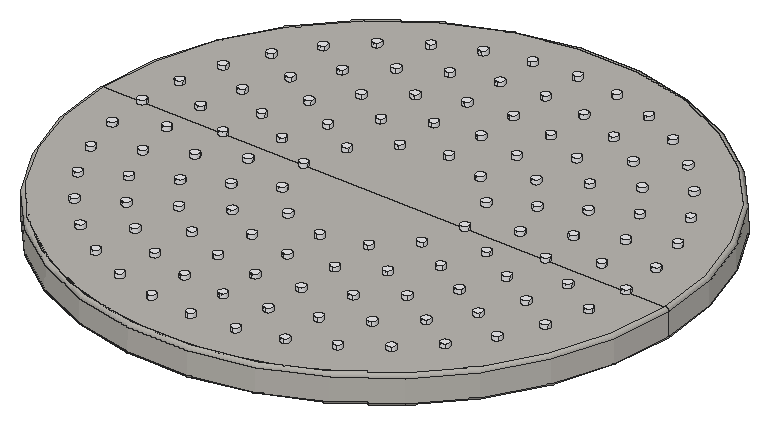
Revit family "Shower-Rainhead-KOHLER-Modern-K-22456T", category Plumbing Fixtures, host Face, Revit 2022
Family settings
  Host = Face
  Round Connector Dimension = Use Diameter
  Part Type = Normal
  OmniClass Number = 23.31.17.00
  OmniClass Title = Showers
  Cut with Voids When Loaded = No
  Maintain Annotation Orientation = No
  Shared = No
  Room Calculation Point = No
Parameters (values of type "L, LBN-Non Pvd Brushed Nickel")
  Width = 10"  # constant formula
  WaterSense Certified = 1 = 0  # no
  Waste Water Outlet = "Waste Water Outlet"  # constant formula
  Waste Connection = 1 = 0  # no
  Vent Connection = 1 = 0  # no
  URL = "http://www.kohler.com.cn/"
  Type = 4
  Tempered Water Inlet = "Tempered Water Inlet"  # constant formula
  Product Page URL = ""
  Product Name = "Modern"  # constant formula
  Product Documentation Link = "https://files.kohler.com.cn/pdfs/1703141439204_1303940-2_A1(K-22456T-L%20).pdf"
  Pressure = 0.00 psi
  Panel Thickness = 0"
  Model = if(Type = 1, "K-22456T-BL", if(Type = 2, "K-22456T-L-BL", if(Type = 3, "K-22456T-L-CP", if(Type = 4, "K-22456T-L-LBN", "NA"))))  # "K-22456T-L-LBN"
  Material = "Plastic"  # constant formula
  Master Format 2014 Name = "Residential Showers"  # constant formula
  Master Format 2014 = "22 42 23"  # constant formula
  Manufacturer Address = "Kohler Beijing Office (100016) 36-2-03-B, No. 88, Liuxiang Road, Beijing"  # constant formula
  Manufacturer = "Kohler Co."  # constant formula
  Length = 10"  # constant formula
  Hot Water Inlet = "Hot Water Inlet"  # constant formula
  Height = 2 129/256"  # constant formula
  HW Connection = 1 = 1  # yes
  Flow Rate = 0 GPM
  Finish = KOHLER-Plastic-LBN-Non_Pvd_Brushed_Nickel
  Environmental Product Declaration = ""
  Drain Included = 1 = 0  # no
  Description = "10 Inch Round Rain Overhead-Plastic"  # constant formula
  Default Elevation = 42"
  Declare Label = ""
  Date Modified = "01/09/2025"  # constant formula
  Date Created = "11/10/2022"  # constant formula
  Copyright = "Copyright Kohler Co."  # constant formula
  Contact Us = "http://www.kohler.com.cn/contact/contact-us/"
  Cold Water Inlet = "Cold Water Inlet"  # constant formula
  CW Connection = 1 = 0  # no
  Assembly Code = "D2010700"
  ADA Compliant = 1 = 0  # no
Reference planes (in)
  plane 1 "Center (Front/Back)": y = 0
  plane 2: z = 0
  plane 3 "Center (Left/Right)": x = 0
  plane 4: x = -5
  plane 5: x = -0.74803
  plane 6: x = 0.74803
  plane 7: x = 5
  plane 8: y = 5
  plane 9: y = 0.74803
  plane 10: y = -0.74803
  plane 11: y = -5
  plane 12: z = 2.50394
  plane 13: z = 2.50391
  plane 14: z = 1.97337
  plane 15: z = 1.16134
  plane 16: z = 2.44581
Dimensions and locks (in)
  "Width": plane 4 to plane 7
  "Length": plane 8 to plane 11
  "Height": plane 13 to level
  plane 16 to plane 14 = 0.47244"
  aligned and locked: plane 2 to host face
  aligned and locked: level to host face
Automatic sketch dimensions
  host sketch curve to host sketch curve = 96"  (x2)
Nested families (in)
  nested 1: "K-22456T" at (0, 0, 0), type "K-22456T"
Connectors (in)
  piping at (0, 0, 0), diameter 0.5, driven by "HW Connection", driven by "Tempered Water Inlet"
    settings: on nested 1, index 1, connector inside diameter 24", connector length 0", flow factor 0, pipe flow 0 GPM, pressure drop 0.00 psi, fitting loss kfactor 0, connector angle 0.00°, fixture units 0, engagement length 0", angle of deflection 0.00°, flow configuration 0, flow direction 1, fitting loss method 0, system type 19, joint type 0, gender type 0, connector reference index -1, connector utility 1, adjustable connector no, is connector primary yes, connector description "Tempered Water Inlet"
Definition of nested family "K-22456T"
  Parameters (values of type "K-22456T")
    Material = none
    Default Elevation = 0"
  Reference planes (in)
    plane 1 "Center (Front/Back)": y = 0
    plane 2: z = 0
    plane 3 "Center (Left/Right)": x = 0
    plane 4: x = -5
    plane 5: x = 5
    plane 6: y = 5
    plane 7: y = -5
    plane 8: z = 2.50394
    plane 9: z = 2.44581
    plane 10: z = 1.97337
    plane 11: x = -0.74803
    plane 12: x = 0.74803
    plane 13: y = 0.74803
    plane 14: y = -0.74803
  Forms (in)
    Revolve 1, solid, material <- "Material", detail levels medium+fine
      sketch origin (0, 0, 0) x (1, 0, 0) y (0, 0, 1)
        loop
          line (-0.47244, 0) -> (0, 0) -> (0, 1.31321) -> (-0.49255, 1.31321)
          arc (-0.49255, 1.31321) -> (-0.45671, 1.1503) -> (-0.36842, 1.00877) r 0.49125
          arc (-0.36842, 1.00877) -> (-0.35832, 0.99215) -> (-0.3548, 0.97303) r 0.05368
          line (-0.3548, 0.97303) -> (-0.3548, 0.86366)
          arc (-0.3548, 0.86366) -> (-0.35981, 0.84779) -> (-0.37301, 0.83766) r 0.02767
          line (-0.37301, 0.83766) -> (-0.43179, 0.81626)
          arc (-0.43179, 0.81626) -> (-0.46127, 0.79364) -> (-0.47244, 0.75821) r 0.06178
          line (-0.47244, 0.75821) -> (-0.47244, 0)
        axis (0, 1.31321) -> (0, 0)
      angle from 0 to 360
    Revolve 2, solid, material <- "Material", detail levels medium+fine
      sketch origin (0, 0, 0) x (1, 0, 0) y (0, 0, 1)
        loop
          line (-0.6567, 1.16087) -> (-0.51537, 1.16087)
          arc (-0.51537, 1.16087) -> (-0.49957, 1.16742) -> (-0.49303, 1.18321) r 0.02233
          line (-0.49303, 1.18321) -> (-0.49303, 1.31321) -> (0, 1.31321) -> (0, 2.44581) -> (-4.9319, 2.44581)
          arc (-4.9319, 2.44581) -> (-4.97459, 2.42834) -> (-4.9928, 2.38596) r 0.06091
          line (-4.9928, 2.38596) -> (-4.99961, 1.99579)
          arc (-4.99961, 1.99579) -> (-4.99329, 1.97996) -> (-4.97758, 1.97337) r 0.02203
          line (-4.97758, 1.97337) -> (-0.82241, 1.97337) -> (-0.7874, 1.96063) -> (-0.74803, 1.96063) -> (-0.71321, 1.21481)
          arc (-0.71321, 1.21481) -> (-0.69576, 1.17652) -> (-0.6567, 1.16087) r 0.05657
        axis (0, 2.44581) -> (0, 1.16087)
      angle from 0 to 360
    Extrusion 3, void
      sketch origin (0, 0, 0) x (0, 1, 0) y (0, 0, 1)
        loop
          line (-0.43307, 0.31496) -> (-0.43307, 0.93702) -> (-0.55152, 0.93702) -> (-0.55152, 0.31496) -> (-0.43307, 0.31496)
        loop
          line (0.43307, 0.31496) -> (0.55152, 0.31496) -> (0.55152, 0.93702) -> (0.43307, 0.93702) -> (0.43307, 0.31496)
      from -0.49393 to 0.44644
    Extrusion 4, solid, detail levels medium+fine
      sketch origin (0, 0, 0) x (1, 0, 0) y (0, 1, 0)
        loop
          circle (0, 1.41732) r 0.07283
      from 2.44581 to 2.50394
    Extrusion 5, solid, detail levels medium+fine
      sketch origin (0, 0, 0) x (0.866025, -0.5, 0) y (0.5, 0.866025, 0)
        loop
          circle (0, 1.41732) r 0.07283
      from 2.44581 to 2.50394
    Extrusion 6, solid, detail levels medium+fine
      sketch origin (0, 0, 0) x (0.5, -0.866025, 0) y (0.866025, 0.5, 0)
        loop
          circle (0, 1.41732) r 0.07283
      from 2.44581 to 2.50394
    Extrusion 7, solid, detail levels medium+fine
      sketch origin (0, 0, 0) x (0, -1, 0) y (1, 0, 0)
        loop
          circle (0, 1.41732) r 0.07283
      from 2.44581 to 2.50394
    Extrusion 8, solid, detail levels medium+fine
      sketch origin (0, 0, 0) x (-0.5, -0.866025, 0) y (0.866025, -0.5, 0)
        loop
          circle (0, 1.41732) r 0.07283
      from 2.44581 to 2.50394
    Extrusion 9, solid, detail levels medium+fine
      sketch origin (0, 0, 0) x (-0.866025, -0.5, 0) y (0.5, -0.866025, 0)
        loop
          circle (0, 1.41732) r 0.07283
      from 2.44581 to 2.50394
    Extrusion 10, solid, detail levels medium+fine
      sketch origin (0, 0, 0) x (-1, 0, 0) y (0, -1, 0)
        loop
          circle (0, 1.41732) r 0.07283
      from 2.44581 to 2.50394
    Extrusion 11, solid, detail levels medium+fine
      sketch origin (0, 0, 0) x (-0.866025, 0.5, 0) y (-0.5, -0.866025, 0)
        loop
          circle (0, 1.41732) r 0.07283
      from 2.44581 to 2.50394
    Extrusion 12, solid, detail levels medium+fine
      sketch origin (0, 0, 0) x (-0.5, 0.866025, 0) y (-0.866025, -0.5, 0)
        loop
          circle (0, 1.41732) r 0.07283
      from 2.44581 to 2.50394
    Extrusion 13, solid, detail levels medium+fine
      sketch origin (0, 0, 0) x (0, 1, 0) y (-1, 0, 0)
        loop
          circle (0, 1.41732) r 0.07283
      from 2.44581 to 2.50394
    Extrusion 14, solid, detail levels medium+fine
      sketch origin (0, 0, 0) x (0.5, 0.866025, 0) y (-0.866025, 0.5, 0)
        loop
          circle (0, 1.41732) r 0.07283
      from 2.44581 to 2.50394
    Extrusion 15, solid, detail levels medium+fine
      sketch origin (0, 0, 0) x (0.866025, 0.5, 0) y (-0.5, 0.866025, 0)
        loop
          circle (0, 1.41732) r 0.07283
      from 2.44581 to 2.50394
    Extrusion 16, solid, detail levels medium+fine
      sketch origin (0, 0.70866, 0) x (1, 0, 0) y (0, 1, 0)
        loop
          circle (0, 1.41732) r 0.07283
      from 2.44581 to 2.50394
    Extrusion 17, solid, detail levels medium+fine
      sketch origin (0, 1.41732, 0) x (1, 0, 0) y (0, 1, 0)
        loop
          circle (0, 1.41732) r 0.07283
      from 2.44581 to 2.50394
    Extrusion 18, solid, detail levels medium+fine
      sketch origin (0, 2.12598, 0) x (1, 0, 0) y (0, 1, 0)
        loop
          circle (0, 1.41732) r 0.07283
      from 2.44581 to 2.50394
    Extrusion 19, solid, detail levels medium+fine
      sketch origin (0, 2.83465, 0) x (1, 0, 0) y (0, 1, 0)
        loop
          circle (0, 1.41732) r 0.07283
      from 2.44581 to 2.50394
    Extrusion 20, solid, detail levels medium+fine
      sketch origin (0.24238, 0.66592, 0) x (0.939693, -0.34202, 0) y (0.34202, 0.939693, 0)
        loop
          circle (0, 1.41732) r 0.07283
      from 2.44581 to 2.50394
    Extrusion 21, solid, detail levels medium+fine
      sketch origin (0.45552, 0.54287, 0) x (0.766044, -0.642788, 0) y (0.642788, 0.766044, 0)
        loop
          circle (0, 1.41732) r 0.07283
      from 2.44581 to 2.50394
    Extrusion 22, solid, detail levels medium+fine
      sketch origin (0.61372, 0.35433, 0) x (0.5, -0.866025, 0) y (0.866025, 0.5, 0)
        loop
          circle (0, 1.41732) r 0.07283
      from 2.44581 to 2.50394
    Extrusion 23, solid, detail levels medium+fine
      sketch origin (0.6979, 0.12306, 0) x (0.173648, -0.984808, 0) y (0.984808, 0.173648, 0)
        loop
          circle (0, 1.41732) r 0.07283
      from 2.44581 to 2.50394
    Extrusion 24, solid, detail levels medium+fine
      sketch origin (0.6979, -0.12306, 0) x (-0.173648, -0.984808, 0) y (0.984808, -0.173648, 0)
        loop
          circle (0, 1.41732) r 0.07283
      from 2.44581 to 2.50394
    Extrusion 25, solid, detail levels medium+fine
      sketch origin (0.61372, -0.35433, 0) x (-0.5, -0.866025, 0) y (0.866025, -0.5, 0)
        loop
          circle (0, 1.41732) r 0.07283
      from 2.44581 to 2.50394
    Extrusion 26, solid, detail levels medium+fine
      sketch origin (0.45552, -0.54287, 0) x (-0.766044, -0.642788, 0) y (0.642788, -0.766044, 0)
        loop
          circle (0, 1.41732) r 0.07283
      from 2.44581 to 2.50394
    Extrusion 27, solid, detail levels medium+fine
      sketch origin (0.24238, -0.66592, 0) x (-0.939693, -0.34202, 0) y (0.34202, -0.939693, 0)
        loop
          circle (0, 1.41732) r 0.07283
      from 2.44581 to 2.50394
    Extrusion 28, solid, detail levels medium+fine
      sketch origin (0, -0.70866, 0) x (-1, 0, 0) y (0, -1, 0)
        loop
          circle (0, 1.41732) r 0.07283
      from 2.44581 to 2.50394
    Extrusion 29, solid, detail levels medium+fine
      sketch origin (-0.24238, -0.66592, 0) x (-0.939693, 0.34202, 0) y (-0.34202, -0.939693, 0)
        loop
          circle (0, 1.41732) r 0.07283
      from 2.44581 to 2.50394
    Extrusion 30, solid, detail levels medium+fine
      sketch origin (-0.45552, -0.54287, 0) x (-0.766044, 0.642788, 0) y (-0.642788, -0.766044, 0)
        loop
          circle (0, 1.41732) r 0.07283
      from 2.44581 to 2.50394
    Extrusion 31, solid, detail levels medium+fine
      sketch origin (-0.61372, -0.35433, 0) x (-0.5, 0.866025, 0) y (-0.866025, -0.5, 0)
        loop
          circle (0, 1.41732) r 0.07283
      from 2.44581 to 2.50394
    Extrusion 32, solid, detail levels medium+fine
      sketch origin (-0.6979, -0.12306, 0) x (-0.173648, 0.984808, 0) y (-0.984808, -0.173648, 0)
        loop
          circle (0, 1.41732) r 0.07283
      from 2.44581 to 2.50394
    Extrusion 33, solid, detail levels medium+fine
      sketch origin (-0.6979, 0.12306, 0) x (0.173648, 0.984808, 0) y (-0.984808, 0.173648, 0)
        loop
          circle (0, 1.41732) r 0.07283
      from 2.44581 to 2.50394
    Extrusion 34, solid, detail levels medium+fine
      sketch origin (-0.61372, 0.35433, 0) x (0.5, 0.866025, 0) y (-0.866025, 0.5, 0)
        loop
          circle (0, 1.41732) r 0.07283
      from 2.44581 to 2.50394
    Extrusion 35, solid, detail levels medium+fine
      sketch origin (-0.45552, 0.54287, 0) x (0.766044, 0.642788, 0) y (-0.642788, 0.766044, 0)
        loop
          circle (0, 1.41732) r 0.07283
      from 2.44581 to 2.50394
    Extrusion 36, solid, detail levels medium+fine
      sketch origin (-0.24238, 0.66592, 0) x (0.939693, 0.34202, 0) y (-0.34202, 0.939693, 0)
        loop
          circle (0, 1.41732) r 0.07283
      from 2.44581 to 2.50394
    Extrusion 37, solid, detail levels medium+fine
      sketch origin (0.36683, 1.36903, 0) x (0.965926, -0.258819, 0) y (0.258819, 0.965926, 0)
        loop
          circle (0, 1.41732) r 0.07283
      from 2.44581 to 2.50394
    Extrusion 38, solid, detail levels medium+fine
      sketch origin (0.70866, 1.22744, 0) x (0.866025, -0.5, 0) y (0.5, 0.866025, 0)
        loop
          circle (0, 1.41732) r 0.07283
      from 2.44581 to 2.50394
    Extrusion 39, solid, detail levels medium+fine
      sketch origin (1.0022, 1.0022, 0) x (0.707107, -0.707107, 0) y (0.707107, 0.707107, 0)
        loop
          circle (0, 1.41732) r 0.07283
      from 2.44581 to 2.50394
    Extrusion 40, solid, detail levels medium+fine
      sketch origin (1.22744, 0.70866, 0) x (0.5, -0.866025, 0) y (0.866025, 0.5, 0)
        loop
          circle (0, 1.41732) r 0.07283
      from 2.44581 to 2.50394
    Extrusion 41, solid, detail levels medium+fine
      sketch origin (1.36903, 0.36683, 0) x (0.258819, -0.965926, 0) y (0.965926, 0.258819, 0)
        loop
          circle (0, 1.41732) r 0.07283
      from 2.44581 to 2.50394
    Extrusion 42, solid, detail levels medium+fine
      sketch origin (1.41732, 0, 0) x (0, -1, 0) y (1, 0, 0)
        loop
          circle (0, 1.41732) r 0.07283
      from 2.44581 to 2.50394
    Extrusion 43, solid, detail levels medium+fine
      sketch origin (1.36903, -0.36683, 0) x (-0.258819, -0.965926, 0) y (0.965926, -0.258819, 0)
        loop
          circle (0, 1.41732) r 0.07283
      from 2.44581 to 2.50394
    Extrusion 44, solid, detail levels medium+fine
      sketch origin (1.22744, -0.70866, 0) x (-0.5, -0.866025, 0) y (0.866025, -0.5, 0)
        loop
          circle (0, 1.41732) r 0.07283
      from 2.44581 to 2.50394
    Extrusion 45, solid, detail levels medium+fine
      sketch origin (1.0022, -1.0022, 0) x (-0.707107, -0.707107, 0) y (0.707107, -0.707107, 0)
        loop
          circle (0, 1.41732) r 0.07283
      from 2.44581 to 2.50394
    Extrusion 46, solid, detail levels medium+fine
      sketch origin (0.70866, -1.22744, 0) x (-0.866025, -0.5, 0) y (0.5, -0.866025, 0)
        loop
          circle (0, 1.41732) r 0.07283
      from 2.44581 to 2.50394
    Extrusion 47, solid, detail levels medium+fine
      sketch origin (0.36683, -1.36903, 0) x (-0.965926, -0.258819, 0) y (0.258819, -0.965926, 0)
        loop
          circle (0, 1.41732) r 0.07283
      from 2.44581 to 2.50394
    Extrusion 48, solid, detail levels medium+fine
      sketch origin (0, -1.41732, 0) x (-1, 0, 0) y (0, -1, 0)
        loop
          circle (0, 1.41732) r 0.07283
      from 2.44581 to 2.50394
    Extrusion 49, solid, detail levels medium+fine
      sketch origin (-0.36683, -1.36903, 0) x (-0.965926, 0.258819, 0) y (-0.258819, -0.965926, 0)
        loop
          circle (0, 1.41732) r 0.07283
      from 2.44581 to 2.50394
    Extrusion 50, solid, detail levels medium+fine
      sketch origin (-0.70866, -1.22744, 0) x (-0.866025, 0.5, 0) y (-0.5, -0.866025, 0)
        loop
          circle (0, 1.41732) r 0.07283
      from 2.44581 to 2.50394
    Extrusion 51, solid, detail levels medium+fine
      sketch origin (-1.0022, -1.0022, 0) x (-0.707107, 0.707107, 0) y (-0.707107, -0.707107, 0)
        loop
          circle (0, 1.41732) r 0.07283
      from 2.44581 to 2.50394
    Extrusion 52, solid, detail levels medium+fine
      sketch origin (-1.22744, -0.70866, 0) x (-0.5, 0.866025, 0) y (-0.866025, -0.5, 0)
        loop
          circle (0, 1.41732) r 0.07283
      from 2.44581 to 2.50394
    Extrusion 53, solid, detail levels medium+fine
      sketch origin (-1.36903, -0.36683, 0) x (-0.258819, 0.965926, 0) y (-0.965926, -0.258819, 0)
        loop
          circle (0, 1.41732) r 0.07283
      from 2.44581 to 2.50394
    Extrusion 54, solid, detail levels medium+fine
      sketch origin (-1.41732, 0, 0) x (0, 1, 0) y (-1, 0, 0)
        loop
          circle (0, 1.41732) r 0.07283
      from 2.44581 to 2.50394
    Extrusion 55, solid, detail levels medium+fine
      sketch origin (-1.36903, 0.36683, 0) x (0.258819, 0.965926, 0) y (-0.965926, 0.258819, 0)
        loop
          circle (0, 1.41732) r 0.07283
      from 2.44581 to 2.50394
    Extrusion 56, solid, detail levels medium+fine
      sketch origin (-1.22744, 0.70866, 0) x (0.5, 0.866025, 0) y (-0.866025, 0.5, 0)
        loop
          circle (0, 1.41732) r 0.07283
      from 2.44581 to 2.50394
    Extrusion 57, solid, detail levels medium+fine
      sketch origin (-1.0022, 1.0022, 0) x (0.707107, 0.707107, 0) y (-0.707107, 0.707107, 0)
        loop
          circle (0, 1.41732) r 0.07283
      from 2.44581 to 2.50394
    Extrusion 58, solid, detail levels medium+fine
      sketch origin (-0.70866, 1.22744, 0) x (0.866025, 0.5, 0) y (-0.5, 0.866025, 0)
        loop
          circle (0, 1.41732) r 0.07283
      from 2.44581 to 2.50394
    Extrusion 59, solid, detail levels medium+fine
      sketch origin (-0.36683, 1.36903, 0) x (0.965926, 0.258819, 0) y (-0.258819, 0.965926, 0)
        loop
          circle (0, 1.41732) r 0.07283
      from 2.44581 to 2.50394
    Extrusion 60, solid, detail levels medium+fine
      sketch origin (0.44202, 2.07953, 0) x (0.978148, -0.207912, 0) y (0.207912, 0.978148, 0)
        loop
          circle (0, 1.41732) r 0.07283
      from 2.44581 to 2.50394
    Extrusion 61, solid, detail levels medium+fine
      sketch origin (0.86472, 1.94218, 0) x (0.913545, -0.406737, 0) y (0.406737, 0.913545, 0)
        loop
          circle (0, 1.41732) r 0.07283
      from 2.44581 to 2.50394
    Extrusion 62, solid, detail levels medium+fine
      sketch origin (1.24962, 1.71996, 0) x (0.809017, -0.587785, 0) y (0.587785, 0.809017, 0)
        loop
          circle (0, 1.41732) r 0.07283
      from 2.44581 to 2.50394
    Extrusion 63, solid, detail levels medium+fine
      sketch origin (1.57991, 1.42256, 0) x (0.669131, -0.743145, 0) y (0.743145, 0.669131, 0)
        loop
          circle (0, 1.41732) r 0.07283
      from 2.44581 to 2.50394
    Extrusion 64, solid, detail levels medium+fine
      sketch origin (1.84116, 1.06299, 0) x (0.5, -0.866025, 0) y (0.866025, 0.5, 0)
        loop
          circle (0, 1.41732) r 0.07283
      from 2.44581 to 2.50394
    Extrusion 65, solid, detail levels medium+fine
      sketch origin (2.02193, 0.65697, 0) x (0.309017, -0.951057, 0) y (0.951057, 0.309017, 0)
        loop
          circle (0, 1.41732) r 0.07283
      from 2.44581 to 2.50394
    Extrusion 66, solid, detail levels medium+fine
      sketch origin (2.11434, 0.22223, 0) x (0.104528, -0.994522, 0) y (0.994522, 0.104528, 0)
        loop
          circle (0, 1.41732) r 0.07283
      from 2.44581 to 2.50394
    Extrusion 67, solid, detail levels medium+fine
      sketch origin (2.11434, -0.22223, 0) x (-0.104528, -0.994522, 0) y (0.994522, -0.104528, 0)
        loop
          circle (0, 1.41732) r 0.07283
      from 2.44581 to 2.50394
    Extrusion 68, solid, detail levels medium+fine
      sketch origin (2.02193, -0.65697, 0) x (-0.309017, -0.951057, 0) y (0.951057, -0.309017, 0)
        loop
          circle (0, 1.41732) r 0.07283
      from 2.44581 to 2.50394
    Extrusion 69, solid, detail levels medium+fine
      sketch origin (1.84116, -1.06299, 0) x (-0.5, -0.866025, 0) y (0.866025, -0.5, 0)
        loop
          circle (0, 1.41732) r 0.07283
      from 2.44581 to 2.50394
    Extrusion 70, solid, detail levels medium+fine
      sketch origin (1.57991, -1.42256, 0) x (-0.669131, -0.743145, 0) y (0.743145, -0.669131, 0)
        loop
          circle (0, 1.41732) r 0.07283
      from 2.44581 to 2.50394
    Extrusion 71, solid, detail levels medium+fine
      sketch origin (1.24962, -1.71996, 0) x (-0.809017, -0.587785, 0) y (0.587785, -0.809017, 0)
        loop
          circle (0, 1.41732) r 0.07283
      from 2.44581 to 2.50394
    Extrusion 72, solid, detail levels medium+fine
      sketch origin (0.86472, -1.94218, 0) x (-0.913545, -0.406737, 0) y (0.406737, -0.913545, 0)
        loop
          circle (0, 1.41732) r 0.07283
      from 2.44581 to 2.50394
    Extrusion 73, solid, detail levels medium+fine
      sketch origin (0.44202, -2.07953, 0) x (-0.978148, -0.207912, 0) y (0.207912, -0.978148, 0)
        loop
          circle (0, 1.41732) r 0.07283
      from 2.44581 to 2.50394
    Extrusion 74, solid, detail levels medium+fine
      sketch origin (0, -2.12598, 0) x (-1, 0, 0) y (0, -1, 0)
        loop
          circle (0, 1.41732) r 0.07283
      from 2.44581 to 2.50394
    Extrusion 75, solid, detail levels medium+fine
      sketch origin (-0.44202, -2.07953, 0) x (-0.978148, 0.207912, 0) y (-0.207912, -0.978148, 0)
        loop
          circle (0, 1.41732) r 0.07283
      from 2.44581 to 2.50394
    Extrusion 76, solid, detail levels medium+fine
      sketch origin (-0.86472, -1.94218, 0) x (-0.913545, 0.406737, 0) y (-0.406737, -0.913545, 0)
        loop
          circle (0, 1.41732) r 0.07283
      from 2.44581 to 2.50394
    Extrusion 77, solid, detail levels medium+fine
      sketch origin (-1.24962, -1.71996, 0) x (-0.809017, 0.587785, 0) y (-0.587785, -0.809017, 0)
        loop
          circle (0, 1.41732) r 0.07283
      from 2.44581 to 2.50394
    Extrusion 78, solid, detail levels medium+fine
      sketch origin (-1.57991, -1.42256, 0) x (-0.669131, 0.743145, 0) y (-0.743145, -0.669131, 0)
        loop
          circle (0, 1.41732) r 0.07283
      from 2.44581 to 2.50394
    Extrusion 79, solid, detail levels medium+fine
      sketch origin (-1.84116, -1.06299, 0) x (-0.5, 0.866025, 0) y (-0.866025, -0.5, 0)
        loop
          circle (0, 1.41732) r 0.07283
      from 2.44581 to 2.50394
    Extrusion 80, solid, detail levels medium+fine
      sketch origin (-2.02193, -0.65697, 0) x (-0.309017, 0.951057, 0) y (-0.951057, -0.309017, 0)
        loop
          circle (0, 1.41732) r 0.07283
      from 2.44581 to 2.50394
    Extrusion 81, solid, detail levels medium+fine
      sketch origin (-2.11434, -0.22223, 0) x (-0.104528, 0.994522, 0) y (-0.994522, -0.104528, 0)
        loop
          circle (0, 1.41732) r 0.07283
      from 2.44581 to 2.50394
    Extrusion 82, solid, detail levels medium+fine
      sketch origin (-2.11434, 0.22223, 0) x (0.104528, 0.994522, 0) y (-0.994522, 0.104528, 0)
        loop
          circle (0, 1.41732) r 0.07283
      from 2.44581 to 2.50394
    Extrusion 83, solid, detail levels medium+fine
      sketch origin (-2.02193, 0.65697, 0) x (0.309017, 0.951057, 0) y (-0.951057, 0.309017, 0)
        loop
          circle (0, 1.41732) r 0.07283
      from 2.44581 to 2.50394
    Extrusion 84, solid, detail levels medium+fine
      sketch origin (-1.84116, 1.06299, 0) x (0.5, 0.866025, 0) y (-0.866025, 0.5, 0)
        loop
          circle (0, 1.41732) r 0.07283
      from 2.44581 to 2.50394
    Extrusion 85, solid, detail levels medium+fine
      sketch origin (-1.57991, 1.42256, 0) x (0.669131, 0.743145, 0) y (-0.743145, 0.669131, 0)
        loop
          circle (0, 1.41732) r 0.07283
      from 2.44581 to 2.50394
    Extrusion 86, solid, detail levels medium+fine
      sketch origin (-1.24962, 1.71996, 0) x (0.809017, 0.587785, 0) y (-0.587785, 0.809017, 0)
        loop
          circle (0, 1.41732) r 0.07283
      from 2.44581 to 2.50394
    Extrusion 87, solid, detail levels medium+fine
      sketch origin (-0.86472, 1.94218, 0) x (0.913545, 0.406737, 0) y (-0.406737, 0.913545, 0)
        loop
          circle (0, 1.41732) r 0.07283
      from 2.44581 to 2.50394
    Extrusion 88, solid, detail levels medium+fine
      sketch origin (-0.44202, 2.07953, 0) x (0.978148, 0.207912, 0) y (-0.207912, 0.978148, 0)
        loop
          circle (0, 1.41732) r 0.07283
      from 2.44581 to 2.50394
    Extrusion 89, solid, detail levels medium+fine
      sketch origin (0.49223, 2.79158, 0) x (0.984808, -0.173648, 0) y (0.173648, 0.984808, 0)
        loop
          circle (0, 1.41732) r 0.07283
      from 2.44581 to 2.50394
    Extrusion 90, solid, detail levels medium+fine
      sketch origin (0.96951, 2.6637, 0) x (0.939693, -0.34202, 0) y (0.34202, 0.939693, 0)
        loop
          circle (0, 1.41732) r 0.07283
      from 2.44581 to 2.50394
    Extrusion 91, solid, detail levels medium+fine
      sketch origin (1.41732, 2.45488, 0) x (0.866025, -0.5, 0) y (0.5, 0.866025, 0)
        loop
          circle (0, 1.41732) r 0.07283
      from 2.44581 to 2.50394
    Extrusion 92, solid, detail levels medium+fine
      sketch origin (1.82208, 2.17146, 0) x (0.766044, -0.642788, 0) y (0.642788, 0.766044, 0)
        loop
          circle (0, 1.41732) r 0.07283
      from 2.44581 to 2.50394
    Extrusion 93, solid, detail levels medium+fine
      sketch origin (2.17146, 1.82208, 0) x (0.642788, -0.766044, 0) y (0.766044, 0.642788, 0)
        loop
          circle (0, 1.41732) r 0.07283
      from 2.44581 to 2.50394
    Extrusion 94, solid, detail levels medium+fine
      sketch origin (2.45488, 1.41732, 0) x (0.5, -0.866025, 0) y (0.866025, 0.5, 0)
        loop
          circle (0, 1.41732) r 0.07283
      from 2.44581 to 2.50394
    Extrusion 95, solid, detail levels medium+fine
      sketch origin (2.6637, 0.96951, 0) x (0.34202, -0.939693, 0) y (0.939693, 0.34202, 0)
        loop
          circle (0, 1.41732) r 0.07283
      from 2.44581 to 2.50394
    Extrusion 96, solid, detail levels medium+fine
      sketch origin (2.79158, 0.49223, 0) x (0.173648, -0.984808, 0) y (0.984808, 0.173648, 0)
        loop
          circle (0, 1.41732) r 0.07283
      from 2.44581 to 2.50394
    Extrusion 97, solid, detail levels medium+fine
      sketch origin (2.83465, 0, 0) x (0, -1, 0) y (1, 0, 0)
        loop
          circle (0, 1.41732) r 0.07283
      from 2.44581 to 2.50394
    Extrusion 98, solid, detail levels medium+fine
      sketch origin (2.79158, -0.49223, 0) x (-0.173648, -0.984808, 0) y (0.984808, -0.173648, 0)
        loop
          circle (0, 1.41732) r 0.07283
      from 2.44581 to 2.50394
    Extrusion 99, solid, detail levels medium+fine
      sketch origin (2.6637, -0.96951, 0) x (-0.34202, -0.939693, 0) y (0.939693, -0.34202, 0)
        loop
          circle (0, 1.41732) r 0.07283
      from 2.44581 to 2.50394
    Extrusion 100, solid, detail levels medium+fine
      sketch origin (2.45488, -1.41732, 0) x (-0.5, -0.866025, 0) y (0.866025, -0.5, 0)
        loop
          circle (0, 1.41732) r 0.07283
      from 2.44581 to 2.50394
    Extrusion 101, solid, detail levels medium+fine
      sketch origin (2.17146, -1.82208, 0) x (-0.642788, -0.766044, 0) y (0.766044, -0.642788, 0)
        loop
          circle (0, 1.41732) r 0.07283
      from 2.44581 to 2.50394
    Extrusion 102, solid, detail levels medium+fine
      sketch origin (1.82208, -2.17146, 0) x (-0.766044, -0.642788, 0) y (0.642788, -0.766044, 0)
        loop
          circle (0, 1.41732) r 0.07283
      from 2.44581 to 2.50394
    Extrusion 103, solid, detail levels medium+fine
      sketch origin (1.41732, -2.45488, 0) x (-0.866025, -0.5, 0) y (0.5, -0.866025, 0)
        loop
          circle (0, 1.41732) r 0.07283
      from 2.44581 to 2.50394
    Extrusion 104, solid, detail levels medium+fine
      sketch origin (0.96951, -2.6637, 0) x (-0.939693, -0.34202, 0) y (0.34202, -0.939693, 0)
        loop
          circle (0, 1.41732) r 0.07283
      from 2.44581 to 2.50394
    Extrusion 105, solid, detail levels medium+fine
      sketch origin (0.49223, -2.79158, 0) x (-0.984808, -0.173648, 0) y (0.173648, -0.984808, 0)
        loop
          circle (0, 1.41732) r 0.07283
      from 2.44581 to 2.50394
    Extrusion 106, solid, detail levels medium+fine
      sketch origin (0, -2.83465, 0) x (-1, 0, 0) y (0, -1, 0)
        loop
          circle (0, 1.41732) r 0.07283
      from 2.44581 to 2.50394
    Extrusion 107, solid, detail levels medium+fine
      sketch origin (-0.49223, -2.79158, 0) x (-0.984808, 0.173648, 0) y (-0.173648, -0.984808, 0)
        loop
          circle (0, 1.41732) r 0.07283
      from 2.44581 to 2.50394
    Extrusion 108, solid, detail levels medium+fine
      sketch origin (-0.96951, -2.6637, 0) x (-0.939693, 0.34202, 0) y (-0.34202, -0.939693, 0)
        loop
          circle (0, 1.41732) r 0.07283
      from 2.44581 to 2.50394
    Extrusion 109, solid, detail levels medium+fine
      sketch origin (-1.41732, -2.45488, 0) x (-0.866025, 0.5, 0) y (-0.5, -0.866025, 0)
        loop
          circle (0, 1.41732) r 0.07283
      from 2.44581 to 2.50394
    Extrusion 110, solid, detail levels medium+fine
      sketch origin (-1.82208, -2.17146, 0) x (-0.766044, 0.642788, 0) y (-0.642788, -0.766044, 0)
        loop
          circle (0, 1.41732) r 0.07283
      from 2.44581 to 2.50394
    Extrusion 111, solid, detail levels medium+fine
      sketch origin (-2.17146, -1.82208, 0) x (-0.642788, 0.766044, 0) y (-0.766044, -0.642788, 0)
        loop
          circle (0, 1.41732) r 0.07283
      from 2.44581 to 2.50394
    Extrusion 112, solid, detail levels medium+fine
      sketch origin (-2.45488, -1.41732, 0) x (-0.5, 0.866025, 0) y (-0.866025, -0.5, 0)
        loop
          circle (0, 1.41732) r 0.07283
      from 2.44581 to 2.50394
    Extrusion 113, solid, detail levels medium+fine
      sketch origin (-2.6637, -0.96951, 0) x (-0.34202, 0.939693, 0) y (-0.939693, -0.34202, 0)
        loop
          circle (0, 1.41732) r 0.07283
      from 2.44581 to 2.50394
    Extrusion 114, solid, detail levels medium+fine
      sketch origin (-2.79158, -0.49223, 0) x (-0.173648, 0.984808, 0) y (-0.984808, -0.173648, 0)
        loop
          circle (0, 1.41732) r 0.07283
      from 2.44581 to 2.50394
    Extrusion 115, solid, detail levels medium+fine
      sketch origin (-2.83465, 0, 0) x (0, 1, 0) y (-1, 0, 0)
        loop
          circle (0, 1.41732) r 0.07283
      from 2.44581 to 2.50394
    Extrusion 116, solid, detail levels medium+fine
      sketch origin (-2.79158, 0.49223, 0) x (0.173648, 0.984808, 0) y (-0.984808, 0.173648, 0)
        loop
          circle (0, 1.41732) r 0.07283
      from 2.44581 to 2.50394
    Extrusion 117, solid, detail levels medium+fine
      sketch origin (-2.6637, 0.96951, 0) x (0.34202, 0.939693, 0) y (-0.939693, 0.34202, 0)
        loop
          circle (0, 1.41732) r 0.07283
      from 2.44581 to 2.50394
    Extrusion 118, solid, detail levels medium+fine
      sketch origin (-2.45488, 1.41732, 0) x (0.5, 0.866025, 0) y (-0.866025, 0.5, 0)
        loop
          circle (0, 1.41732) r 0.07283
      from 2.44581 to 2.50394
    Extrusion 119, solid, detail levels medium+fine
      sketch origin (-2.17146, 1.82208, 0) x (0.642788, 0.766044, 0) y (-0.766044, 0.642788, 0)
        loop
          circle (0, 1.41732) r 0.07283
      from 2.44581 to 2.50394
    Extrusion 120, solid, detail levels medium+fine
      sketch origin (-1.82208, 2.17146, 0) x (0.766044, 0.642788, 0) y (-0.642788, 0.766044, 0)
        loop
          circle (0, 1.41732) r 0.07283
      from 2.44581 to 2.50394
    Extrusion 121, solid, detail levels medium+fine
      sketch origin (-1.41732, 2.45488, 0) x (0.866025, 0.5, 0) y (-0.5, 0.866025, 0)
        loop
          circle (0, 1.41732) r 0.07283
      from 2.44581 to 2.50394
    Extrusion 122, solid, detail levels medium+fine
      sketch origin (-0.96951, 2.6637, 0) x (0.939693, 0.34202, 0) y (-0.34202, 0.939693, 0)
        loop
          circle (0, 1.41732) r 0.07283
      from 2.44581 to 2.50394
    Extrusion 123, solid, detail levels medium+fine
      sketch origin (-0.49223, 2.79158, 0) x (0.984808, 0.173648, 0) y (-0.173648, 0.984808, 0)
        loop
          circle (0, 1.41732) r 0.07283
      from 2.44581 to 2.50394
    Revolve 124, solid, material <- "Material", detail levels coarse
      sketch origin (0, 0, 0) x (1, 0, 0) y (0, 0, 1)
        loop
          line (0, 2.44581) -> (-5, 2.44581) -> (-5, 1.97337) -> (-0.74803, 1.97337) -> (-0.74803, 1.16063) -> (-0.47244, 1.16063) -> (-0.47244, 0) -> (0, 0) -> (0, 2.44581)
        axis (0, 2.44581) -> (0, 0)
      angle from 0 to 360
  Cuts and joins
    Extrusion 3 cuts Revolve 1
  Lines and regions (in)
    Masking region 1
      outline origin (0, 0, 0) x (0, 1, 0) y (0, 0, 1)
        loop
          line (0, 0) -> (0.47244, 0) -> (0.47244, 0.31496) -> (0.43307, 0.31496) -> (0.43307, 0.81578) -> (0.37749, 0.83601)
          arc (0.37749, 0.83601) -> (0.36147, 0.8483) -> (0.3554, 0.86756) r 0.03358
          line (0.3554, 0.86756) -> (0.3554, 0.97436)
          arc (0.3554, 0.97436) -> (0.3593, 0.99399) -> (0.37042, 1.01063) r 0.05129
          arc (0.37042, 1.01063) -> (0.42504, 1.08043) -> (0.46122, 1.16134) r 0.3651
          line (0.46122, 1.16134) -> (0.65441, 1.16134)
          arc (0.65441, 1.16134) -> (0.69525, 1.1777) -> (0.71349, 1.21773) r 0.05914
          line (0.71349, 1.21773) -> (0.74803, 1.96063) -> (0.7874, 1.96063) -> (0.82241, 1.97337) -> (4.97699, 1.97337)
          arc (4.97699, 1.97337) -> (4.99344, 1.98027) -> (5.00005, 1.99684) r 0.02307
          line (5.00005, 1.99684) -> (4.99325, 2.38657)
          arc (4.99325, 2.38657) -> (4.97523, 2.42852) -> (4.93297, 2.44581) r 0.06029
          line (4.93297, 2.44581) -> (4.3248, 2.44581) -> (4.3248, 2.50394) -> (3.92271, 2.50394) -> (3.92271, 2.44581) -> (3.75515, 2.44581) -> (3.75515, 2.50394) -> (3.60948, 2.50394) -> (3.60948, 2.44581) -> (3.53871, 2.44581) -> (3.53871, 2.50394) -> (3.16414, 2.50394) -> (3.16414, 2.44581) -> (2.93943, 2.44581) -> (2.93943, 2.50394) -> (2.66028, 2.50394) -> (2.66028, 2.44581) -> (2.52771, 2.44581) -> (2.52771, 2.50394) -> (2.2981, 2.50394) -> (2.2981, 2.44581) -> (2.19882, 2.44581) -> (2.19882, 2.50394) -> (1.92494, 2.50394) -> (1.92494, 2.44581) -> (1.84449, 2.44581) -> (1.84449, 2.50394) -> (0.99016, 2.50394) -> (0.99016, 2.44581) -> (0.81118, 2.44581) -> (0.81118, 2.50394) -> (0.63583, 2.50394) -> (0.63583, 2.44581) -> (0.44201, 2.44581) -> (0.44201, 2.50394) -> (0.29634, 2.50394) -> (0.29634, 2.44581) -> (0.07283, 2.44581) -> (0.07283, 2.50394) -> (0, 2.50394) -> (-0.07283, 2.50394) -> (-0.07283, 2.44581) -> (-0.29634, 2.44581) -> (-0.29634, 2.50394) -> (-0.44201, 2.50394) -> (-0.44201, 2.44581) -> (-0.63583, 2.44581) -> (-0.63583, 2.50394) -> (-0.81118, 2.50394) -> (-0.81118, 2.44581) -> (-0.99016, 2.44581) -> (-0.99016, 2.50394) -> (-1.84449, 2.50394) -> (-1.84449, 2.44581) -> (-1.92494, 2.44581) -> (-1.92494, 2.50394) -> (-2.19882, 2.50394) -> (-2.19882, 2.44581) -> (-2.2981, 2.44581) -> (-2.2981, 2.50394) -> (-2.52771, 2.50394) -> (-2.52771, 2.44581) -> (-2.66028, 2.44581) -> (-2.66028, 2.50394) -> (-2.93943, 2.50394) -> (-2.93943, 2.44581) -> (-3.16414, 2.44581) -> (-3.16414, 2.50394) -> (-3.53871, 2.50394) -> (-3.53871, 2.44581) -> (-3.60948, 2.44581) -> (-3.60948, 2.50394) -> (-3.75515, 2.50394) -> (-3.75515, 2.44581) -> (-3.92271, 2.44581) -> (-3.92271, 2.50394) -> (-4.3248, 2.50394) -> (-4.3248, 2.44581) -> (-4.93297, 2.44581)
          arc (-4.93297, 2.44581) -> (-4.97523, 2.42852) -> (-4.99325, 2.38657) r 0.06029
          line (-4.99325, 2.38657) -> (-5.00005, 1.99684)
          arc (-5.00005, 1.99684) -> (-4.99344, 1.98027) -> (-4.97699, 1.97337) r 0.02307
          line (-4.97699, 1.97337) -> (-0.82241, 1.97337) -> (-0.7874, 1.96063) -> (-0.74803, 1.96063) -> (-0.71349, 1.21773)
          arc (-0.71349, 1.21773) -> (-0.69525, 1.1777) -> (-0.65441, 1.16134) r 0.05914
          line (-0.65441, 1.16134) -> (-0.46122, 1.16134)
          arc (-0.46122, 1.16134) -> (-0.42504, 1.08043) -> (-0.37042, 1.01063) r 0.3651
          arc (-0.37042, 1.01063) -> (-0.3593, 0.99399) -> (-0.3554, 0.97436) r 0.05129
          line (-0.3554, 0.97436) -> (-0.3554, 0.86756)
          arc (-0.3554, 0.86756) -> (-0.36147, 0.8483) -> (-0.37749, 0.83601) r 0.03358
          line (-0.37749, 0.83601) -> (-0.43307, 0.81578) -> (-0.43307, 0.31496) -> (-0.47244, 0.31496) -> (-0.47244, 0) -> (0, 0)
    Masking region 2
      outline origin (0, 0, 0) x (1, 0, 0) y (0, 0, 1)
        loop
          line (-0.47244, 0) -> (0.47244, 0) -> (0.47244, 0.76336)
          arc (0.47244, 0.76336) -> (0.46296, 0.79388) -> (0.43787, 0.81366) r 0.05388
          line (0.43787, 0.81366) -> (0.37798, 0.83665)
          arc (0.37798, 0.83665) -> (0.36165, 0.84953) -> (0.35548, 0.8694) r 0.03508
          line (0.35548, 0.8694) -> (0.35548, 0.97284)
          arc (0.35548, 0.97284) -> (0.35989, 0.99577) -> (0.3725, 1.01541) r 0.06173
          arc (0.3725, 1.01541) -> (0.42465, 1.08329) -> (0.46133, 1.16063) r 0.40441
          line (0.46133, 1.16063) -> (0.65822, 1.16063)
          arc (0.65822, 1.16063) -> (0.69624, 1.17586) -> (0.71322, 1.21314) r 0.05507
          line (0.71322, 1.21314) -> (0.74803, 1.96063) -> (0.7874, 1.96063) -> (0.82241, 1.97337) -> (4.97743, 1.97337)
          arc (4.97743, 1.97337) -> (4.99354, 1.98013) -> (5.00002, 1.99635) r 0.02259
          line (5.00002, 1.99635) -> (4.99322, 2.38591)
          arc (4.99322, 2.38591) -> (4.97499, 2.42833) -> (4.93226, 2.44581) r 0.06097
          line (4.93226, 2.44581) -> (4.3248, 2.44581) -> (4.3248, 2.50394) -> (4.11564, 2.50394) -> (4.11564, 2.44581) -> (4.06838, 2.44581) -> (4.06838, 2.50394) -> (3.92271, 2.50394) -> (3.92271, 2.44581) -> (3.75515, 2.44581) -> (3.75515, 2.50394) -> (2.99576, 2.50394) -> (2.99576, 2.44581) -> (2.90748, 2.44581) -> (2.90748, 2.50394) -> (2.38204, 2.50394) -> (2.38204, 2.44581) -> (2.19882, 2.44581) -> (2.19882, 2.50394) -> (1.76832, 2.50394) -> (1.76832, 2.44581) -> (1.52709, 2.44581) -> (1.52709, 2.50394) -> (1.1546, 2.50394) -> (1.1546, 2.44581) -> (0.81118, 2.44581) -> (0.81118, 2.50394) -> (0.63583, 2.50394) -> (0.63583, 2.44581) -> (0.07283, 2.44581) -> (0.07283, 2.50394) -> (-0.07283, 2.50394) -> (-0.07283, 2.44581) -> (-0.63583, 2.44581) -> (-0.63583, 2.50394) -> (-0.81118, 2.50394) -> (-0.81118, 2.44581) -> (-1.1546, 2.44581) -> (-1.1546, 2.50394) -> (-1.52709, 2.50394) -> (-1.52709, 2.44581) -> (-1.76832, 2.44581) -> (-1.76832, 2.50394) -> (-2.19882, 2.50394) -> (-2.19882, 2.44581) -> (-2.38204, 2.44581) -> (-2.38204, 2.50394) -> (-2.90748, 2.50394) -> (-2.90748, 2.44581) -> (-2.99576, 2.44581) -> (-2.99576, 2.50394) -> (-3.75515, 2.50394) -> (-3.75515, 2.44581) -> (-3.92271, 2.44581) -> (-3.92271, 2.50394) -> (-4.06838, 2.50394) -> (-4.06838, 2.44581) -> (-4.11564, 2.44581) -> (-4.11564, 2.50394) -> (-4.3248, 2.50394) -> (-4.3248, 2.44581) -> (-4.93226, 2.44581)
          arc (-4.93226, 2.44581) -> (-4.97499, 2.42833) -> (-4.99322, 2.38591) r 0.06097
          line (-4.99322, 2.38591) -> (-5.00002, 1.99635)
          arc (-5.00002, 1.99635) -> (-4.99354, 1.98013) -> (-4.97743, 1.97337) r 0.02259
          line (-4.97743, 1.97337) -> (-0.82241, 1.97337) -> (-0.7874, 1.96063) -> (-0.74803, 1.96063) -> (-0.71322, 1.21314)
          arc (-0.71322, 1.21314) -> (-0.69624, 1.17586) -> (-0.65822, 1.16063) r 0.05507
          line (-0.65822, 1.16063) -> (-0.46133, 1.16063)
          arc (-0.46133, 1.16063) -> (-0.42465, 1.08329) -> (-0.3725, 1.01541) r 0.40441
          arc (-0.3725, 1.01541) -> (-0.35989, 0.99577) -> (-0.35548, 0.97284) r 0.06173
          line (-0.35548, 0.97284) -> (-0.35548, 0.8694)
          arc (-0.35548, 0.8694) -> (-0.36165, 0.84953) -> (-0.37798, 0.83665) r 0.03508
          line (-0.37798, 0.83665) -> (-0.43787, 0.81366)
          arc (-0.43787, 0.81366) -> (-0.46296, 0.79388) -> (-0.47244, 0.76336) r 0.05388
          line (-0.47244, 0.76336) -> (-0.47244, 0)
    Masking region 3
      outline origin (0, 0, 0) x (1, 0, 0) y (0, 1, 0)
        loop
          circle (0, 0) r 5
    symbolic lines, detail levels medium+fine
      curve 1: line (0, 0.74803, 1.96063) -> (0, -0.74803, 1.96063)
      curve 2: line (0, -0.82241, 1.97337) -> (0, 0.82241, 1.97337)
      curve 3: line (0, 0.46122, 1.16134) -> (0, -0.46122, 1.16134)
      curve 4: line (0, 0.3554, 0.97436) -> (0, -0.3554, 0.97436)
      curve 5: line (0, 0.37042, 1.01063) -> (0, -0.37042, 1.01063)
      curve 6: line (0, 0.3554, 0.86756) -> (0, -0.3554, 0.86756)
      curve 7: line (0, 0.37749, 0.83601) -> (0, -0.37749, 0.83601)
      curve 8: line (0, 0.43307, 0.77416) -> (0, -0.43307, 0.77416)
      curve 9: line (0, 4.3248, 2.44581) -> (0, 3.92271, 2.44581)
      curve 10: line (0, 3.75515, 2.44581) -> (0, 3.60948, 2.44581)
      curve 11: line (0, 3.53871, 2.44581) -> (0, 3.16414, 2.44581)
      curve 12: line (0, 2.93943, 2.44581) -> (0, 2.66028, 2.44581)
      curve 13: line (0, 2.52771, 2.44581) -> (0, 2.2981, 2.44581)
      curve 14: line (0, 2.19882, 2.44581) -> (0, 1.92494, 2.44581)
      curve 15: line (0, 1.84449, 2.44581) -> (0, 0.99016, 2.44581)
      curve 16: line (0, 0.81118, 2.44581) -> (0, 0.63583, 2.44581)
      curve 17: line (0, 0.44201, 2.44581) -> (0, 0.29634, 2.44581)
      curve 18: line (0, 0.07283, 2.44581) -> (0, 0, 2.44581)
      curve 19: line (0, 4.26021, 2.50394) -> (0, 4.26021, 2.44581)
      curve 20: line (0, 4.06838, 2.50394) -> (0, 4.06838, 2.44581)
      curve 21: line (0, 4.11454, 2.50394) -> (0, 4.11454, 2.44581)
      curve 22: line (0, 3.39463, 2.50394) -> (0, 3.39463, 2.44581)
      curve 23: line (0, 3.33003, 2.50394) -> (0, 3.33003, 2.44581)
      curve 24: line (0, 3.18436, 2.50394) -> (0, 3.18436, 2.44581)
      curve 25: line (0, 2.81089, 2.50394) -> (0, 2.81089, 2.44581)
      curve 26: line (0, 2.44377, 2.50394) -> (0, 2.44377, 2.44581)
      curve 27: line (0, 2.0559, 2.50394) -> (0, 2.0559, 2.44581)
      curve 28: line (0, 1.69882, 2.50394) -> (0, 1.69882, 2.44581)
      curve 29: line (0, 1.55742, 2.50394) -> (0, 1.55742, 2.44581)
      curve 30: line (0, 1.52709, 2.50394) -> (0, 1.52709, 2.44581)
      curve 31: line (0, 1.38091, 2.50394) -> (0, 1.38091, 2.44581)
      curve 32: line (0, 1.34449, 2.50394) -> (0, 1.34449, 2.44581)
      curve 33: line (0, 1.30027, 2.50394) -> (0, 1.30027, 2.44581)
      curve 34: line (0, 1.16778, 2.50394) -> (0, 1.16778, 2.44581)
      curve 35: line (0, 1.02211, 2.50394) -> (0, 1.02211, 2.44581)
      curve 36: line (0, 0.66551, 2.50394) -> (0, 0.66551, 2.44581)
      curve 37: line (0, -4.3248, 2.44581) -> (0, -3.92271, 2.44581)
      curve 38: line (0, -3.75515, 2.44581) -> (0, -3.60948, 2.44581)
      curve 39: line (0, -3.53871, 2.44581) -> (0, -3.16414, 2.44581)
      curve 40: line (0, -2.93943, 2.44581) -> (0, -2.66028, 2.44581)
      curve 41: line (0, -2.52771, 2.44581) -> (0, -2.2981, 2.44581)
      curve 42: line (0, -2.19882, 2.44581) -> (0, -1.92494, 2.44581)
      curve 43: line (0, -1.84449, 2.44581) -> (0, -0.99016, 2.44581)
      curve 44: line (0, -0.81118, 2.44581) -> (0, -0.63583, 2.44581)
      curve 45: line (0, -0.44201, 2.44581) -> (0, -0.29634, 2.44581)
      curve 46: line (0, -0.07283, 2.44581) -> (0, 0, 2.44581)
      curve 47: line (0, -4.26021, 2.50394) -> (0, -4.26021, 2.44581)
      curve 48: line (0, -4.06838, 2.50394) -> (0, -4.06838, 2.44581)
      curve 49: line (0, -4.11454, 2.50394) -> (0, -4.11454, 2.44581)
      curve 50: line (0, -3.39463, 2.50394) -> (0, -3.39463, 2.44581)
      curve 51: line (0, -3.33003, 2.50394) -> (0, -3.33003, 2.44581)
      curve 52: line (0, -3.18436, 2.50394) -> (0, -3.18436, 2.44581)
      curve 53: line (0, -2.81089, 2.50394) -> (0, -2.81089, 2.44581)
      curve 54: line (0, -2.44377, 2.50394) -> (0, -2.44377, 2.44581)
      curve 55: line (0, -2.0559, 2.50394) -> (0, -2.0559, 2.44581)
      curve 56: line (0, -1.69882, 2.50394) -> (0, -1.69882, 2.44581)
      curve 57: line (0, -1.55742, 2.50394) -> (0, -1.55742, 2.44581)
      curve 58: line (0, -1.52709, 2.50394) -> (0, -1.52709, 2.44581)
      curve 59: line (0, -1.38091, 2.50394) -> (0, -1.38091, 2.44581)
      curve 60: line (0, -1.34449, 2.50394) -> (0, -1.34449, 2.44581)
      curve 61: line (0, -1.30027, 2.50394) -> (0, -1.30027, 2.44581)
      curve 62: line (0, -1.16778, 2.50394) -> (0, -1.16778, 2.44581)
      curve 63: line (0, -1.02211, 2.50394) -> (0, -1.02211, 2.44581)
      curve 64: line (0, -0.66551, 2.50394) -> (0, -0.66551, 2.44581)
      curve 65: line (-0.18881, 0, 0.31496) -> (-0.18881, 0, 0.75821)
      curve 66: line (-0.18881, 0, 0.31496) -> (0.18881, 0, 0.31496)
      curve 67: line (0.18881, 0, 0.75821) -> (0.18881, 0, 0.31496)
      curve 68: line (-0.18881, 0, 0.75821) -> (0.18881, 0, 0.75821)
      curve 69: line (-0.47244, 0, 0.76336) -> (-0.185, 0, 0.76336)
      curve 70: line (0.47244, 0, 0.76336) -> (0.185, 0, 0.76336)
      curve 71: line (-0.37798, 0, 0.83665) -> (0.37798, 0, 0.83665)
      curve 72: line (-0.35548, 0, 0.8694) -> (0.35548, 0, 0.8694)
      curve 73: line (-0.46133, 0, 1.16063) -> (0.46133, 0, 1.16063)
      curve 74: line (-0.35548, 0, 0.97284) -> (0.35548, 0, 0.97284)
      curve 75: line (-0.3725, 0, 1.01541) -> (0.3725, 0, 1.01541)
      curve 76: line (-0.74803, 0, 1.96063) -> (0.74803, 0, 1.96063)
      curve 77: line (0.82241, 0, 1.97337) -> (-0.82241, 0, 1.97337)
      curve 78: line (-4.3248, 0, 2.44581) -> (-4.11564, 0, 2.44581)
      curve 79: line (-4.06838, 0, 2.44581) -> (-3.92271, 0, 2.44581)
      curve 80: line (-3.75515, 0, 2.44581) -> (-2.99576, 0, 2.44581)
      curve 81: line (-2.90748, 0, 2.44581) -> (-2.38204, 0, 2.44581)
      curve 82: line (-2.19882, 0, 2.44581) -> (-1.76832, 0, 2.44581)
      curve 83: line (-1.52709, 0, 2.44581) -> (-1.1546, 0, 2.44581)
      curve 84: line (-0.81118, 0, 2.44581) -> (-0.63583, 0, 2.44581)
      curve 85: line (-0.07283, 0, 2.44581) -> (0, 0, 2.44581)
      curve 86: line (-3.60948, 0, 2.50394) -> (-3.60948, 0, 2.44581)
      curve 87: line (-3.59633, 0, 2.50394) -> (-3.59633, 0, 2.44581)
      curve 88: line (-3.45106, 0, 2.50394) -> (-3.45106, 0, 2.44581)
      curve 89: line (-3.33003, 0, 2.50394) -> (-3.33003, 0, 2.44581)
      curve 90: line (-3.18436, 0, 2.50394) -> (-3.18436, 0, 2.44581)
      curve 91: line (-3.14143, 0, 2.50394) -> (-3.14143, 0, 2.44581)
      curve 92: line (-2.80841, 0, 2.50394) -> (-2.80841, 0, 2.44581)
      curve 93: line (-2.66028, 0, 2.50394) -> (-2.66028, 0, 2.44581)
      curve 94: line (-2.56036, 0, 2.50394) -> (-2.56036, 0, 2.44581)
      curve 95: line (-2.52771, 0, 2.50394) -> (-2.52771, 0, 2.44581)
      curve 96: line (-2.05315, 0, 2.50394) -> (-2.05315, 0, 2.44581)
      curve 97: line (-2.00987, 0, 2.50394) -> (-2.00987, 0, 2.44581)
      curve 98: line (-1.93156, 0, 2.50394) -> (-1.93156, 0, 2.44581)
      curve 99: line (-1.91399, 0, 2.50394) -> (-1.91399, 0, 2.44581)
      curve 100: line (-1.38091, 0, 2.50394) -> (-1.38091, 0, 2.44581)
      curve 101: line (-1.36836, 0, 2.50394) -> (-1.36836, 0, 2.44581)
      curve 102: line (-1.34449, 0, 2.50394) -> (-1.34449, 0, 2.44581)
      curve 103: line (-1.29051, 0, 2.50394) -> (-1.29051, 0, 2.44581)
      curve 104: line (-0.65429, 0, 2.50394) -> (-0.65429, 0, 2.44581)
      curve 105: line (-0.66386, 0, 2.50394) -> (-0.66386, 0, 2.44581)
      curve 106: line (4.3248, 0, 2.44581) -> (4.11564, 0, 2.44581)
      curve 107: line (4.06838, 0, 2.44581) -> (3.92271, 0, 2.44581)
      curve 108: line (3.75515, 0, 2.44581) -> (2.99576, 0, 2.44581)
      curve 109: line (2.90748, 0, 2.44581) -> (2.38204, 0, 2.44581)
      curve 110: line (2.19882, 0, 2.44581) -> (1.76832, 0, 2.44581)
      curve 111: line (1.52709, 0, 2.44581) -> (1.1546, 0, 2.44581)
      curve 112: line (0.81118, 0, 2.44581) -> (0.63583, 0, 2.44581)
      curve 113: line (0.07283, 0, 2.44581) -> (0, 0, 2.44581)
      curve 114: line (3.60948, 0, 2.50394) -> (3.60948, 0, 2.44581)
      curve 115: line (3.59633, 0, 2.50394) -> (3.59633, 0, 2.44581)
      curve 116: line (3.45106, 0, 2.50394) -> (3.45106, 0, 2.44581)
      curve 117: line (3.33003, 0, 2.50394) -> (3.33003, 0, 2.44581)
      curve 118: line (3.18436, 0, 2.50394) -> (3.18436, 0, 2.44581)
      curve 119: line (3.14143, 0, 2.50394) -> (3.14143, 0, 2.44581)
      curve 120: line (2.80841, 0, 2.50394) -> (2.80841, 0, 2.44581)
      curve 121: line (2.66028, 0, 2.50394) -> (2.66028, 0, 2.44581)
      curve 122: line (2.56036, 0, 2.50394) -> (2.56036, 0, 2.44581)
      curve 123: line (2.52771, 0, 2.50394) -> (2.52771, 0, 2.44581)
      curve 124: line (2.05315, 0, 2.50394) -> (2.05315, 0, 2.44581)
      curve 125: line (2.00987, 0, 2.50394) -> (2.00987, 0, 2.44581)
      curve 126: line (1.93156, 0, 2.50394) -> (1.93156, 0, 2.44581)
      curve 127: line (1.91399, 0, 2.50394) -> (1.91399, 0, 2.44581)
      curve 128: line (1.38091, 0, 2.50394) -> (1.38091, 0, 2.44581)
      curve 129: line (1.36836, 0, 2.50394) -> (1.36836, 0, 2.44581)
      curve 130: line (1.34449, 0, 2.50394) -> (1.34449, 0, 2.44581)
      curve 131: line (1.29051, 0, 2.50394) -> (1.29051, 0, 2.44581)
      curve 132: line (0.65429, 0, 2.50394) -> (0.65429, 0, 2.44581)
      curve 133: line (0.66386, 0, 2.50394) -> (0.66386, 0, 2.44581)
      curve 134: line (-4.99322, 0, 2.38591) -> (4.99322, 0, 2.38591)
      curve 135: line (0, 4.99325, 2.38657) -> (0, -4.99325, 2.38657)
      curve 136: circle (0, 1.41732, 0) r 0.07283 normal (0, 0, 1)
      curve 137: circle (0, 2.12598, 0) r 0.07283 normal (0, 0, 1)
      curve 138: circle (0, 2.83465, 0) r 0.07283 normal (0, 0, 1)
      curve 139: circle (0, 3.54331, 0) r 0.07283 normal (0, 0, 1)
      curve 140: circle (0, 4.25197, 0) r 0.07283 normal (0, 0, 1)
      curve 141: circle (0.70866, 1.22744, 0) r 0.07283 normal (0, 0, 1)
      curve 142: circle (1.22744, 0.70866, 0) r 0.07283 normal (0, 0, 1)
      curve 143: circle (1.41732, 0, 0) r 0.07283 normal (0, 0, 1)
      curve 144: circle (1.22744, -0.70866, 0) r 0.07283 normal (0, 0, 1)
      curve 145: circle (0.70866, -1.22744, 0) r 0.07283 normal (0, 0, 1)
      curve 146: circle (0, -1.41732, 0) r 0.07283 normal (0, 0, 1)
      curve 147: circle (-0.70866, -1.22744, 0) r 0.07283 normal (0, 0, 1)
      curve 148: circle (-1.22744, -0.70866, 0) r 0.07283 normal (0, 0, 1)
      curve 149: circle (-1.41732, 0, 0) r 0.07283 normal (0, 0, 1)
      curve 150: circle (-1.22744, 0.70866, 0) r 0.07283 normal (0, 0, 1)
      curve 151: circle (-0.70866, 1.22744, 0) r 0.07283 normal (0, 0, 1)
      curve 152: circle (0.72713, 1.99777, 0) r 0.07283 normal (0, 0, 1)
      curve 153: circle (1.36656, 1.6286, 0) r 0.07283 normal (0, 0, 1)
      curve 154: circle (1.84116, 1.06299, 0) r 0.07283 normal (0, 0, 1)
      curve 155: circle (2.09369, 0.36917, 0) r 0.07283 normal (0, 0, 1)
      curve 156: circle (2.09369, -0.36917, 0) r 0.07283 normal (0, 0, 1)
      curve 157: circle (1.84116, -1.06299, 0) r 0.07283 normal (0, 0, 1)
      curve 158: circle (1.36656, -1.6286, 0) r 0.07283 normal (0, 0, 1)
      curve 159: circle (0.72713, -1.99777, 0) r 0.07283 normal (0, 0, 1)
      curve 160: circle (0, -2.12598, 0) r 0.07283 normal (0, 0, 1)
      curve 161: circle (-0.72713, -1.99777, 0) r 0.07283 normal (0, 0, 1)
      curve 162: circle (-1.36656, -1.6286, 0) r 0.07283 normal (0, 0, 1)
      curve 163: circle (-1.84116, -1.06299, 0) r 0.07283 normal (0, 0, 1)
      curve 164: circle (-2.09369, -0.36917, 0) r 0.07283 normal (0, 0, 1)
      curve 165: circle (-2.09369, 0.36917, 0) r 0.07283 normal (0, 0, 1)
      curve 166: circle (-1.84116, 1.06299, 0) r 0.07283 normal (0, 0, 1)
      curve 167: circle (-1.36656, 1.6286, 0) r 0.07283 normal (0, 0, 1)
      curve 168: circle (-0.72713, 1.99777, 0) r 0.07283 normal (0, 0, 1)
      curve 169: circle (0.73366, 2.73806, 0) r 0.07283 normal (0, 0, 1)
      curve 170: circle (1.41732, 2.45488, 0) r 0.07283 normal (0, 0, 1)
      curve 171: circle (2.0044, 2.0044, 0) r 0.07283 normal (0, 0, 1)
      curve 172: circle (2.45488, 1.41732, 0) r 0.07283 normal (0, 0, 1)
      curve 173: circle (2.73806, 0.73366, 0) r 0.07283 normal (0, 0, 1)
      curve 174: circle (2.83465, 0, 0) r 0.07283 normal (0, 0, 1)
      curve 175: circle (2.73806, -0.73366, 0) r 0.07283 normal (0, 0, 1)
      curve 176: circle (2.45488, -1.41732, 0) r 0.07283 normal (0, 0, 1)
      curve 177: circle (2.0044, -2.0044, 0) r 0.07283 normal (0, 0, 1)
      curve 178: circle (1.41732, -2.45488, 0) r 0.07283 normal (0, 0, 1)
      curve 179: circle (0.73366, -2.73806, 0) r 0.07283 normal (0, 0, 1)
      curve 180: circle (0, -2.83465, 0) r 0.07283 normal (0, 0, 1)
      curve 181: circle (-0.73366, -2.73806, 0) r 0.07283 normal (0, 0, 1)
      curve 182: circle (-1.41732, -2.45488, 0) r 0.07283 normal (0, 0, 1)
      curve 183: circle (-2.0044, -2.0044, 0) r 0.07283 normal (0, 0, 1)
      curve 184: circle (-2.45488, -1.41732, 0) r 0.07283 normal (0, 0, 1)
      curve 185: circle (-2.73806, -0.73366, 0) r 0.07283 normal (0, 0, 1)
      curve 186: circle (-2.83465, 0, 0) r 0.07283 normal (0, 0, 1)
      curve 187: circle (-2.73806, 0.73366, 0) r 0.07283 normal (0, 0, 1)
      curve 188: circle (-2.45488, 1.41732, 0) r 0.07283 normal (0, 0, 1)
      curve 189: circle (-2.0044, 2.0044, 0) r 0.07283 normal (0, 0, 1)
      curve 190: circle (-1.41732, 2.45488, 0) r 0.07283 normal (0, 0, 1)
      curve 191: circle (-0.73366, 2.73806, 0) r 0.07283 normal (0, 0, 1)
      curve 192: circle (0.73669, 3.46588, 0) r 0.07283 normal (0, 0, 1)
      curve 193: circle (1.44119, 3.23697, 0) r 0.07283 normal (0, 0, 1)
      curve 194: circle (2.0827, 2.8666, 0) r 0.07283 normal (0, 0, 1)
      curve 195: circle (2.63319, 2.37094, 0) r 0.07283 normal (0, 0, 1)
      curve 196: circle (3.06859, 1.77165, 0) r 0.07283 normal (0, 0, 1)
      curve 197: circle (3.36989, 1.09494, 0) r 0.07283 normal (0, 0, 1)
      curve 198: circle (3.5239, 0.37038, 0) r 0.07283 normal (0, 0, 1)
      curve 199: circle (3.5239, -0.37038, 0) r 0.07283 normal (0, 0, 1)
      curve 200: circle (3.36989, -1.09494, 0) r 0.07283 normal (0, 0, 1)
      curve 201: circle (3.06859, -1.77165, 0) r 0.07283 normal (0, 0, 1)
      curve 202: circle (2.63319, -2.37094, 0) r 0.07283 normal (0, 0, 1)
      curve 203: circle (2.0827, -2.8666, 0) r 0.07283 normal (0, 0, 1)
      curve 204: circle (1.44119, -3.23697, 0) r 0.07283 normal (0, 0, 1)
      curve 205: circle (0.73669, -3.46588, 0) r 0.07283 normal (0, 0, 1)
      curve 206: circle (0, -3.54331, 0) r 0.07283 normal (0, 0, 1)
      curve 207: circle (-0.73669, -3.46588, 0) r 0.07283 normal (0, 0, 1)
      curve 208: circle (-1.44119, -3.23697, 0) r 0.07283 normal (0, 0, 1)
      curve 209: circle (-2.0827, -2.8666, 0) r 0.07283 normal (0, 0, 1)
      curve 210: circle (-2.63319, -2.37094, 0) r 0.07283 normal (0, 0, 1)
      curve 211: circle (-3.06859, -1.77165, 0) r 0.07283 normal (0, 0, 1)
      curve 212: circle (-3.36989, -1.09494, 0) r 0.07283 normal (0, 0, 1)
      curve 213: circle (-3.5239, -0.37038, 0) r 0.07283 normal (0, 0, 1)
      curve 214: circle (-3.5239, 0.37038, 0) r 0.07283 normal (0, 0, 1)
      curve 215: circle (-3.36989, 1.09494, 0) r 0.07283 normal (0, 0, 1)
      curve 216: circle (-3.06859, 1.77165, 0) r 0.07283 normal (0, 0, 1)
      curve 217: circle (-2.63319, 2.37094, 0) r 0.07283 normal (0, 0, 1)
      curve 218: circle (-2.0827, 2.8666, 0) r 0.07283 normal (0, 0, 1)
      curve 219: circle (-1.44119, 3.23697, 0) r 0.07283 normal (0, 0, 1)
      curve 220: circle (-0.73669, 3.46588, 0) r 0.07283 normal (0, 0, 1)
